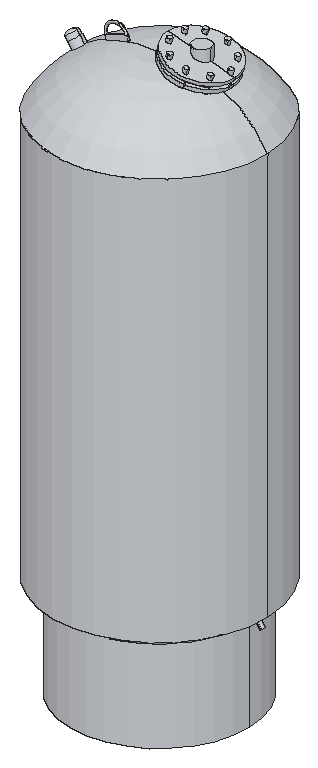
Revit family "TXA-1200", category Mechanical Equipment, Revit 2014
Parameters (values of type "TXA-1200")
  VoidLength = 7 1/2"
  URL = "http://westank.com/"
  TankVolume = "317 Gallons"
  SystemConnectionAngle = 50.00°
  PartNumber = "20011200"
  OuterRadius = 15"
  Model = "TXA-1200"
  MaximumOperatingTemperature [instance] = "240°F"
  MaximumOperatingPressure = "150 PSIG"
  Manufacturer = "Wessels Company"
  InnerRadius = 14.766"
  HandleAngle = 120.00°
  G = 8"
  F = 30"
  E = 7.9997"
  DrainAngle = 63.00°
  C = 3"
  BottomOfTheCylinder = 6.11811"
  B = 98 1/2"
  ApproximateShipmentWeight = "820 lbs"
  Angle = 35.00°
  A = 36"
Reference planes (in)
  plane 1 "Center (Front/Back)": y = 0
  plane 2: z = 0
  plane 3 "Center (Left/Right)": x = 0
  plane 4: x = -18
  plane 5: y = 1.9685
  plane 6: y = -1.9685
  plane 7: z = 98.5
  plane 8: x = 18
  plane 9: y = 0.15626
  plane 10: y = -0.15626
  plane 11: x = -18
  plane 12: x = 18
  plane 13: x = -15
  plane 14: x = 15
  plane 15: y = 0
  plane 16: y = 8.22887
  plane 17: y = -8.22887
  plane 18: through (0.00466, -180, 75.19677) normal (-0.9999, 0, -0.0139)
  plane 19: z = 84.08887
  plane 20: z = 8
  plane 21: x = 7.9997
  plane 22: z = 94.86806
  plane 23: z = 84.58887
  plane 24: z = 83.58887
  plane 25: y = 0.25884
  plane 26: through (15.22415, -180, 16.04564) normal (-0.5299, 0, 0.848)
Forms (in)
  Revolve 1, solid
    sketch origin (0, 0, -5.125) x (1, 0, 0) y (0, 0, 1)
      loop
        arc (0, 99.99306) -> (-10.26029, 98.18744) -> (-18, 91.21387) r 18.87587
        line (-18, 91.21387) -> (-18, 22.49834)
        arc (-18, 22.49834) -> (-9.46773, 18.31363) -> (0, 17.49306) r 25.86401
        line (0, 17.49306) -> (0, 99.99306)
      axis (0, 99.99306) -> (0, 17.49306)
    angle from 0 to 360
  Extrusion 2, solid
    sketch origin (0, 0, 0) x (1, 0, 0) y (0, 1, 0)
      loop
        circle (0, 0) r 15
      loop
        circle (0, 0) r 14.766
    from 19.49834 to 0
  Revolve 3, solid
    sketch origin (1.20269, 0, 81.79941) x (-0.601815, 0, 0.798636) y (-0.798636, 0, -0.601815)
      loop
        line (15.84077, 5.9281) -> (15.84077, 4.83971) -> (17.34717, 4.83971) -> (17.34717, 4.87268) -> (18.15531, 4.87268)
        arc (18.15531, 4.87268) -> (18.50055, 5.34406) -> (18.51746, 5.9281) r 0.9835
        line (18.51746, 5.9281) -> (15.84077, 5.9281)
      axis (15.84077, 5.9281) -> (18.51746, 5.9281)
    angle from 0 to 360
  Sweep 4, solid
    path origin (-8.19462, 0, 77.58266) x (-0.298917, 0, 0.954279) y (-0.954279, 0, -0.298917)
      loop
        arc (16.3454, -4.50078) -> (18.0954, -6.25078) -> (16.3454, -8.00078) r 1.75
    profile origin (-7.63864, 0, 96.71918) x (-0.298917, 0, 0.954279) y (0, -1, 0)
      loop
        circle (0, 0) r 0.15625
  Extrusion 5, solid
    sketch origin (-6.7374, 0, 72.93055) x (-0.298917, 0, 0.954279) y (-0.954279, 0, -0.298917)
      loop
        line (21.2204, -4.34518) -> (20.24342, -4.34518) -> (20.24342, -8.16029) -> (21.2204, -8.16029) -> (21.2204, -4.34518)
    from 0.15626 to -0.15626
  Sweep 6, solid
    path origin (-12.625, 0, 56.08927) x (-1, 0, 0) y (0, 0, -1)
      loop
        arc (6.10198, 1.75) -> (7.85198, 0) -> (6.10198, -1.75) r 1.75
    profile origin (-20.47698, 0, 56.08927) x (-1, 0, 0) y (0, -1, 0)
      loop
        circle (0, 0) r 0.15625
  Extrusion 7, solid
    sketch origin (-7.75, 0, 56.08927) x (-1, 0, 0) y (0, 0, -1)
      loop
        line (10.97698, 1.90561) -> (10, 1.90561) -> (10, -1.9095) -> (10.97698, -1.9095) -> (10.97698, 1.90561)
    from 0.15626 to -0.15626
  Extrusion 8, solid
    sketch origin (0, 0, 0) x (0, 1, 0) y (0, 0, 1)
      loop
        circle (0, 84.08887) r 0.5
    from -17.65104 to -19.22575
  Revolve 9, solid
    sketch origin (3.8764, 0, 85.95696) x (0.274641, 0, 0.961547) y (-0.961547, 0, 0.274641)
      loop
        line (11.53359, 0) -> (7.79343, 0) -> (7.79343, -3.1338)
        arc (7.79343, -3.1338) -> (8.77769, -2.90837) -> (9.76194, -3.1338) r 2.26145
        line (9.76194, -3.1338) -> (9.76194, -5.73442) -> (10.35249, -5.73442) -> (10.35249, -5.11813) -> (10.94304, -5.11813) -> (10.94304, -5.73442) -> (11.53359, -5.73442) -> (11.53359, 0)
      axis (7.79343, 0) -> (11.53359, 0)
    angle from 0 to 360
  Extrusion 10, solid
    sketch origin (8.06932, -2.56268, 96.7503) x (0.96156, 0, -0.274595) y (-0.000007, 1, -0.000023)
      loop
        circle (-3.74768, 6.40672) r 0.3937
    from 0.59055 to -2.3622
  Extrusion 11, solid
    sketch origin (6.21754, -2.64003, 97.27921) x (0.729815, -0.651106, -0.208403) y (0.626062, 0.758987, -0.178843)
      loop
        circle (-3.74768, 6.40672) r 0.3937
    from 0.59055 to -2.3622
  Extrusion 12, solid
    sketch origin (4.76364, -1.44481, 97.69448) x (0.146287, -0.988362, -0.041733) y (0.950349, 0.152123, -0.271467)
      loop
        circle (-3.74768, 6.40672) r 0.3937
    from 0.59055 to -2.3622
  Extrusion 13, solid
    sketch origin (4.40844, 0.44684, 97.79593) x (-0.507749, -0.849202, 0.145075) y (0.816541, -0.528068, -0.233248)
      loop
        circle (-3.74768, 6.40672) r 0.3937
    from 0.59055 to -2.3622
  Extrusion 14, solid
    sketch origin (5.32314, 2.1231, 97.53467) x (-0.91703, -0.300705, 0.261976) y (0.289136, -0.953717, -0.082609)
      loop
        circle (-3.74768, 6.40672) r 0.3937
    from 0.59055 to -2.3622
  Extrusion 15, solid
    sketch origin (7.06685, 2.77597, 97.03663) x (-0.884273, 0.392739, 0.25262) y (-0.377643, -0.91965, 0.107839)
      loop
        circle (-3.74768, 6.40672) r 0.3937
    from 0.59055 to -2.3622
  Extrusion 16, solid
    sketch origin (8.79904, 2.09076, 96.54187) x (-0.425267, 0.896873, 0.121517) y (-0.862392, -0.442288, 0.246295)
      loop
        circle (-3.74768, 6.40672) r 0.3937
    from 0.59055 to -2.3622
  Extrusion 17, solid
    sketch origin (9.68477, 0.39774, 96.28889) x (0.238735, 0.968691, -0.068138) y (-0.931449, 0.248268, 0.266019)
      loop
        circle (-3.74768, 6.40672) r 0.3937
    from 0.59055 to -2.3622
  Extrusion 18, solid
    sketch origin (9.29707, -1.48699, 96.39962) x (0.787667, 0.573576, -0.224927) y (-0.551526, 0.819153, 0.157505)
      loop
        circle (-3.74768, 6.40672) r 0.3937
    from 0.59055 to -2.3622
  Extrusion 19, solid
    sketch origin (7.19359, 0, 116.52189) x (1, 0, -0.000052) y (0, 1, 0)
      loop
        circle (-0.14143, 0) r 1.5
    from -20.98349 to -18.02182
Dimensions and locks (in)
  equal spacing: plane 5, plane 1 "Center (Front/Back)", plane 6
  "B": plane 7 to level
  equal spacing: plane 8, plane 3 "Center (Left/Right)", plane 4
  "A": plane 8 to plane 4
  plane 9 to plane 10 = 0.31252"
  equal spacing: plane 14, plane 3 "Center (Left/Right)", plane 13
  "F": plane 14 to plane 13
  locked: Revolve 3 sketch curve to Revolve 3 sketch curve at 0.03297
  equal spacing: plane 16, plane 15, plane 17
  Revolve 1 to plane 19 = 2"
  locked: Extrusion 8 sketch curve to plane 15 at 0
  locked: Extrusion 8 sketch curve to plane 19
  locked: Revolve 9 sketch curve to Revolve 9 sketch curve at 0.59055  (x3)
  locked: Revolve 9 sketch curve to Revolve 9 sketch curve at 1.9685
  locked: Extrusion 19 sketch curve to plane 1 "Center (Front/Back)" at 0
  "E": plane 21 to plane 3 "Center (Left/Right)"
  locked: plane 7 to plane 22 at 3.63194
  locked: plane 7 to Revolve 1 sketch curve at 12.41113
  locked: plane 23 to plane 24 at 1
  "OuterRadius": radius of Extrusion 2 sketch curve
  "InnerRadius": radius of Extrusion 2 sketch curve
  "C": diameter of Extrusion 19 sketch curve
  aligned and locked: level to plane 2
  aligned and locked: Extrusion 2 to level
  aligned and locked: plane 4 to Revolve 1 sketch curve
  aligned and locked: Revolve 3 sketch curve to Revolve 3 sketch curve
  aligned and locked: Extrusion 5 sketch curve to Sweep 4
  aligned and locked: Extrusion 5 to plane 10
  aligned and locked: plane 9 to Extrusion 5
  aligned and locked: Extrusion 7 sketch curve to Sweep 6
  aligned and locked: Revolve 9 sketch curve to Revolve 9 sketch curve
  aligned and locked: plane 22 to Revolve 1 sketch curve
  aligned and locked: plane 7 to Extrusion 19
  aligned and locked: plane 15 to nested 1
Automatic sketch dimensions
  Revolve 1 sketch curve to plane 3 "Center (Left/Right)" = 0"  (x2)
  Revolve 1 sketch curve to plane 3 "Center (Left/Right)" = 2.5386"
  Revolve 1 sketch curve to plane 3 "Center (Left/Right)" = 1.98565"
  plane 20 to Revolve 1 sketch curve = 4.36806"
  Revolve 1 sketch curve to Revolve 1 sketch curve = 5.00528"
  Revolve 1 sketch curve to Revolve 1 sketch curve = 11.96462"
  Sweep 6 sketch curve to plane 4 = 0.72698"
  Sweep 6 sketch curve to Sweep 6 sketch curve = 1 3/4"
  Sweep 6 sketch curve to profile plane = 0"
  profile plane to Sweep 6 sketch curve = 0"
  plane 4 to Extrusion 7 sketch curve = 1/4"
  Extrusion 7 sketch curve to Extrusion 7 sketch curve = 3.81511"
  plane 19 to Revolve 1 sketch curve = 0.0062"
  plane 19 to Sweep 6 sketch curve = 27.9996"
  plane 19 to Extrusion 7 sketch curve = 26.0901"
  Extrusion 2 sketch curve to Extrusion 2 sketch curve = 0"  (x2)
  plane 1 "Center (Front/Back)" to Extrusion 2 sketch curve = 0"
  Extrusion 2 sketch curve to plane 3 "Center (Left/Right)" = 0"
  plane 13 to Revolve 3 sketch curve = 1.93508"
  Revolve 3 sketch curve to plane 23 = 6.29392"
  Revolve 3 sketch curve to Revolve 3 sketch curve = 1.5064"
  Revolve 3 sketch curve to Revolve 3 sketch curve = 0"
  Revolve 3 sketch curve to Revolve 3 sketch curve = 0.22312"
  Revolve 3 sketch curve to Revolve 3 sketch curve = 0.80814"
  Revolve 3 sketch curve to Revolve 3 sketch curve = 0.94717"
  Revolve 3 sketch curve to Revolve 3 sketch curve = 0.26484"
  Revolve 3 sketch curve to Revolve 3 sketch curve = 5.44847"
  Revolve 3 sketch curve to Revolve 3 sketch curve = 0.07201"
  Revolve 9 sketch curve to plane 21 = 1.9829"
  Revolve 9 sketch curve to Revolve 9 sketch curve = 0.98425"
  Revolve 9 sketch curve to Revolve 9 sketch curve = 3.1338"
  Revolve 9 sketch curve to Revolve 9 sketch curve = 1.98434"
  Revolve 9 sketch curve to Revolve 9 sketch curve = 0.05169"
  Revolve 9 sketch curve to Revolve 9 sketch curve = 0.61629"
  Revolve 9 sketch curve to Revolve 9 sketch curve = 19.38704"
  Revolve 9 sketch curve to Revolve 9 sketch curve = 0.1272"
  Revolve 9 sketch curve to Revolve 9 sketch curve = 0"
  Revolve 9 sketch curve to plane 7 = 5.04929"
  Sweep 4 sketch curve to plane 7 = 3.4508"
  plane 18 to Sweep 4 sketch curve = 6.84421"
  Sweep 4 sketch curve to Sweep 4 sketch curve = 1 3/4"
  Sweep 4 sketch curve to profile plane = 0"
  profile plane to Sweep 4 sketch curve = 0"
  Extrusion 5 sketch curve to Extrusion 5 sketch curve = 0.97698"
  Extrusion 5 sketch curve to plane 7 = 2.88002"
  Extrusion 5 sketch curve to Extrusion 5 sketch curve = 3.81511"
  radius of Extrusion 10 sketch curve = 0.3937"
  radius of Extrusion 11 sketch curve = 0.3937"
  radius of Extrusion 12 sketch curve = 0.3937"
  radius of Extrusion 13 sketch curve = 0.3937"
  radius of Extrusion 14 sketch curve = 0.3937"
  radius of Extrusion 15 sketch curve = 0.3937"
  radius of Extrusion 16 sketch curve = 0.3937"
  radius of Extrusion 17 sketch curve = 0.3937"
  radius of Extrusion 18 sketch curve = 0.3937"
  radius of Sweep 6 sketch curve = 5/32"
  radius of Extrusion 8 sketch curve = 1/2"
  radius of Sweep 4 sketch curve = 5/32"
Nested families (in)
  nested 1: "BottomExtrusion" at (16.19682, 0, 16.65343) x (0, 1, 0) z (-0.5299, 0, 0.848), type "BottomExtrusion"
    with ExtrusionHeight 1.56584", EctrusionWidth 3/4"
Connectors (in)
  piping at (7.05122, 0, 98.50008), diameter 3, driven by "C"
    settings: on Extrusion 19, index 1, connector inside diameter 24", connector length 0", flow factor 0, pipe flow 0 GPM, pressure drop 0.00 psi, fitting loss kfactor 0, connector angle 0.00°, fixture units 0, engagement length 0", angle of deflection 0.00°, flow configuration 0, flow direction 0, fitting loss method 0, system type 7, joint type 0, gender type 0, connector reference index -1, connector utility 0, adjustable connector no, is connector primary yes, connector description ""
Definition of nested family "BottomExtrusion"
  Parameters (values of type "BottomExtrusion")
    ExtrusionHeight [instance] = 1.56584"
    EctrusionWidth [instance] = 3/4"
    Default Elevation = 48"
  Reference planes (in)
    plane 1 "Center (Front/Back)": y = 0
    plane 2: z = 0
    plane 3 "Center (Left/Right)": x = 0
    plane 4: x = -0.375
    plane 5: x = 0.375
    plane 6: z = 0.62834
    plane 7: z = -1.56584
  Forms (in)
    Extrusion 1, solid
      sketch origin (0, 0, 0) x (1, 0, 0) y (0, 1, 0)
        loop
          line (-48, 48) -> (-48, -48) -> (48, -48) -> (48, 48) -> (-48, 48)
      from 0 to -12
    Revolve 2, solid
      sketch origin (0, 0, 0) x (1, 0, 0) y (0, 0, 1)
        loop
          line (0, 0.62834) -> (0, -1.56584) -> (0.375, -1.56584) -> (0.375, 0.62834) -> (0, 0.62834)
        axis (0, 0.62834) -> (0, -1.56584)
      angle from 0 to 360
  Dimensions and locks (in)
    equal spacing: plane 5, plane 3 "Center (Left/Right)", plane 4
    "EctrusionWidth": plane 5 to plane 4
    "ExtrusionHeight": plane 2 to plane 7
    aligned and locked: plane 2 to Extrusion 1
    aligned and locked: level to Extrusion 1
    aligned and locked: Revolve 2 sketch curve to plane 3 "Center (Left/Right)"
    aligned and locked: Revolve 2 sketch curve to plane 6
    aligned and locked: plane 7 to Revolve 2 sketch curve
  Automatic sketch dimensions
    Extrusion 1 sketch curve to Extrusion 1 sketch curve = 96"  (x2)
    Revolve 2 sketch curve to plane 3 "Center (Left/Right)" = 0"
    Revolve 2 sketch curve to plane 5 = 0"
    Revolve 2 sketch curve to Revolve 2 sketch curve = 23.28881"
    Revolve 2 sketch curve to Revolve 2 sketch curve = 101.27798"
